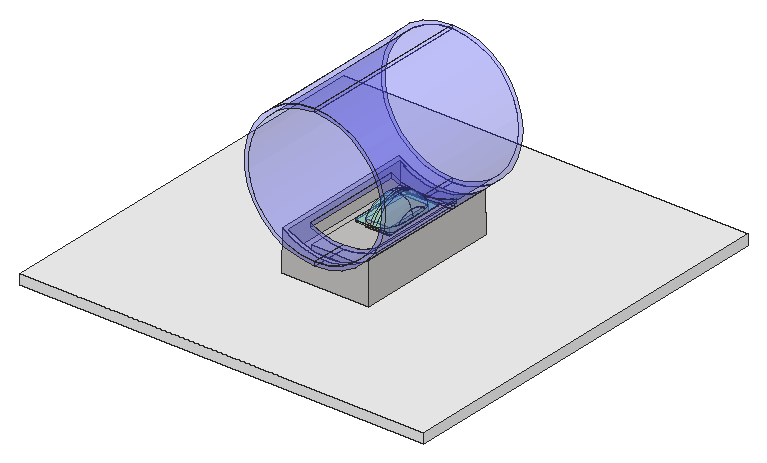
Revit family "BE_50066.2_de_DE", category Leuchten, Revit 2020
Family settings
  Basisbauteil = Fläche
  Bemaßung runder Anschluss = Durchmesser verwenden
  Teiletyp = Normal
  Beim Laden mit Abzugskörper schneiden = Ja
  Lichtquelle = Ja
  Gemeinsam genutzt = Nein
  Raumberechnungspunkt = Ja
Parameters (values of type "BEGA_50066.2_K3")
  built-in parameter 1150104 = 8.3613 (stored number, unit not read)
  Wattage = 12 W
  Default Elevation = 0 mm
  built-in parameter 1150113 = 1 (stored number, unit not read)
  built-in parameter 1114218 = 1 (stored number, unit not read)
  Umgebungstemperatur = "25 °C"
  URL = "https://www.bega.com/de/produkt/50066.2"
  Typenkommentare = "© 2022 BEGA. Wir behalten uns das Recht vor, technische Änderungen ohne vorherige Ankündigung vorzunehmen."  # constant formula
  built-in parameter 1150134 = (empty or 0)
  built-in parameter 1150109 = 1 (stored number, unit not read)
  Strom = ""
  built-in parameter 1150110 = 1 (stored number, unit not read)
  Spannung = 230 V
  Sonderanfertigung = no
  Seriennummer [instance] = "Hier können Sie die eindeutige Seriennummer für das Facility Management eintragen."
  Schutzklasse = "I"
  Schutzart = "IP 20"
  Scheinlast = 0 VA
  Produktdatenblatt = "https://cdn.bega.com/bega/products/50066.2K3/current/documents/data-sheets/de"
  Oberflächentemperatur = ""
  Neigungswinkel = 0.00°
  Modell = "50066.2K3"
  Material_17 = BEGA_Reflektor
  Material_15 = BEGA_Leuchtmedium_matt
  Material_11 = BEGA_Glas_opal
  Material_09 = BEGA_Glas_klar
  Material_06 = BEGA_Oberfläche_Edelstahl_gebürstet
  Material_05 = BEGA_Oberfläche_Aluminium Guss
  Material_03 = BEGA_Oberfläche_Weiss_matt
  Material_02 = BEGA_Oberfläche_Silber_matt
  Material_01 [instance] = BEGA_Oberfläche_Grafit_matt
  M_W = no
  M_G = no
  M_A = no
  Logo = 0
  built-in parameter 1114217 = 1 (stored number, unit not read)
  built-in parameter 1150139 = (empty or 0)
  built-in parameter 1150105 = 85.944 (stored number, unit not read)
  built-in parameter 1150114 = 1 (stored number, unit not read)
  Lumens = 1080 lm
  built-in parameter 1150115 = 1 (stored number, unit not read)
  Leuchtenlichtstrom = "860 lm"
  Leuchtenanzahl = ""
  Lebensdauerkriterien = "L70B50 @ 25 °C = 81000 h"
  Lastklassifizierung = Beleuchtung
  built-in parameter 1150112 = 1 (stored number, unit not read)
  Lampenlichtstrom = "940 lm"
  Lampe = "LED 10 W"
  LED_Modulbezeichnung = "LED-0607/930"
  Hersteller = "BEGA"  # constant formula
  Halbstreuwinkel = ""
  Gewicht = "1.0 kg"
  Gebrauchslageneinschränkung [instance] = ""
  Frequenz = "50/60 Hz"
  Farbwiedergabeindex = "CRI > 90"
  Farbtemperaturverschiebung bei Dämpfen der Lampe = <Keine Auswahl>
  Farbtemperatur = "3000 K"
  Color Filter = 16777215
  built-in parameter 1150133 = 10 (stored number, unit not read)
  Energieeffizienzklasse = "LED A++ - A"
  built-in parameter 1150137 = (empty or 0)
  built-in parameter 1150132 = (empty or 0)
  ENEC = "ja"
  Dimmbar [instance] = "on/off"
  Datei für fotometrisches Netz = "BE_50066.2K3.IES"
  CE_Konformität = "ja"
  Bestellnummer = "50066.2K3"
  Beschreibung_Sonderanfertigung = "Hier können Sie Informationen zur Sonderanfertigung eintragen."
  Beschreibung = "Wandleuchte"
  built-in parameter 1150106 = 0.85944 (stored number, unit not read)
  Befestigungsbohrung = "Ø 5 mm"
  Befestigungsabstand = "115 x 55 mm"
  Ballwurfsicher = ""
  BEGA_Intern_aus = yes
  BEGA_Intern_an = yes
  BEGA_Intern_Konstruktion = yes
  BEGA_Intern = yes
  BEGA_IES = yes
  BEGA_Dummy = no
  Anschlussleitung = ""
  Anschlussleistung [instance] = "10 W"
  Anschlusskasten = ""
  built-in parameter 1150107 = 3000 (stored number, unit not read)
  built-in parameter 1150102 = (empty or 0)
  built-in parameter 1150138 = (empty or 0)
  Aktualisierung = "2022-05-18T04:00:07"
  Abstand_zur_angestrahlten_Fläche [instance] = ""
  AC/DC = "AC"
Reference planes
  plane 1 "Mitte (Vorne/Hinten)": y = 0
  plane 2: z = 0
  plane 3 "Mitte (Links/Rechts)": x = 0
  plane 4 "Links": x = -70
  plane 5 "Rechts": x = 70
  plane 6 "Unten": y = -85
  plane 7 "Oben": y = 85
  plane 8 "Vorne": z = 166
  plane 9 "Hinten": z = 0
Forms (mm)
  Extrusion 1, solid, material "BEGA_Platte_Weiss"
    sketch origin (0, -1119.2, 0) x (1, 0, 0) y (0, 1, 0)
      loop
        line (-200, 1319.2) -> (-200, 919.2) -> (200, 919.2) -> (200, 1319.2) -> (-200, 1319.2)
    from 0 to -10
  Extrusion 2, solid, material "BEGA_Dummy_matt", visible <- "BEGA_Dummy"
    sketch origin (80.095, -76.023, 0) x (1, 0, 0) y (0, 1, 0)
      loop
        line (-150.095, 161.023) -> (-150.095, -8.977) -> (-10.095, -8.977) -> (-10.095, 161.023) -> (-150.095, 161.023)
    from 0 to 166
Dimensions and locks
  plane 1 "Mitte (Vorne/Hinten)" to Extrusion 1 = 200 mm
  aligned and locked: plane 2 to Extrusion 1
  aligned and locked: level to Extrusion 1
Nested families
  nested 1: "BE_50066.2" at (0, 0, 0), type "BE_50066.2"
Connectors
  electrical at (0, 0, 0), driven by "Lastklassifizierung", driven by "Spannung", driven by "Scheinlast"
    settings: index 1, voltage 230 V, apparent load 0 VA, apparent load phase1 0 VA, apparent load phase2 0 VA, apparent load phase3 0 VA, power factor 1, load classification "Beleuchtung", number of poles 1, system type 31, power factor state 1, is connector primary yes, connector utility no, sub classification motor no, connector description ""
Definition of nested family "BE_50066.2"
  Parameters (values of type "BE_50066.2")
    Default Elevation = 1 mm
    URL = "http://www.bega.de/de/produkt"
    Type Comments = "© 2015 BEGA. Wir behalten uns das Recht vor, technische Änderungen ohne vorherige Ankündigung vorzunehmen. "  # constant formula
    Type Image = (empty or 0)
    Neigungswinkel_um_Z2 = 0.00°
    Neigungswinkel_um_Z1 = 0.00°
    Neigungswinkel_um_Y2 = 0.00°
    Neigungswinkel_um_Y1 = 0.00°
    Neigungswinkel_um_X2 = 0.00°
    Neigungswinkel_um_X1 = 0.00°
    Material_17 = none
    Material_15 = none
    Material_12 = none
    Material_11 = none
    Material_09 = none
    Material_06 = none
    Material_05 = none
    Material_03 = none
    Material_02 = none
    Material_01 = none
    M_W = yes
    M_G = yes
    M_A = yes
    Länge_Platte = 200 mm  # constant formula
    Höhe_Platte = -10 mm  # constant formula
    Manufacturer = "BEGA"  # constant formula
    Drehwinkel_um_Z2 = 0.00°
    Drehwinkel_um_Z1 = 0.00°
    Breite_Platte = 300 mm  # constant formula
  Reference planes
    plane 1 "Mitte (Oben/Unten)": y = 0
    plane 2: z = 0
    plane 3 "Mitte (Links/Rechts)": x = 0
    plane 4: z = 166
    plane 5: x = -70
    plane 6: x = 70
    plane 7: y = 85
    plane 8: y = -85
  Forms (mm)
    Extrusion 1, solid, detail levels medium
      sketch origin (0, 0, 0) x (1, 0, 0) y (0, 1, 0)
        loop
          line (-100, 150) -> (-100, -150) -> (100, -150) -> (100, 150) -> (-100, 150)
      from 0 to -10 <- "Höhe_Platte"
    Sweep 2, solid, material <- "Material_06", detail levels medium+fine
      path origin (0, 0, 0) x (1, 0, 0) y (0, 1, 0)
        loop
          line (-43, 72.5) -> (-43, -72.5) -> (43, -72.5) -> (43, 72.5) -> (-43, 72.5)
      profile origin (-43, 0, 0) x (1, 0, 0) y (0, 0, 1)
        loop
          line (0, 0) -> (3, 0) -> (3.524, 15) -> (40.386, 15) -> (40.386, 23) -> (16.348, 23) -> (16.348, 18) -> (4.24, 18) -> (3.464, 40.225) -> (0.702, 40.225) -> (0, 0)
    Revolve 3, solid, material <- "Material_06", detail levels medium+fine
      sketch origin (27.5, 0, 0) x (0, 1, 0) y (0, 0, 1)
        loop
          line (55, 0.5) -> (55, 15) -> (48.028, 15)
          arc (48.028, 15) -> (48.723, 14.719) -> (49.027, 14.035) r 1
          line (49.027, 14.035) -> (49.433, 2.43)
          arc (49.433, 2.43) -> (50.042, 1.061) -> (51.431, 0.5) r 2
          line (51.431, 0.5) -> (55, 0.5)
        axis (57.5, 0.5) -> (57.5, 15)
      angle from 0 to 360
    Revolve 4, solid, material <- "Material_06", detail levels medium+fine
      sketch origin (-27.5, -115, 0) x (0, 1, 0) y (0, 0, 1)
        loop
          line (55, 0.5) -> (55, 15) -> (48.028, 15)
          arc (48.028, 15) -> (48.723, 14.719) -> (49.027, 14.035) r 1
          line (49.027, 14.035) -> (49.433, 2.43)
          arc (49.433, 2.43) -> (50.042, 1.061) -> (51.431, 0.5) r 2
          line (51.431, 0.5) -> (55, 0.5)
        axis (57.5, 0.5) -> (57.5, 15)
      angle from 0 to 360
    Extrusion 5, void
      sketch origin (0, 0, 0) x (1, 0, 0) y (0, 0, 1)
        loop
          arc (-59.501, 59.127) -> (0, 26) -> (59.501, 59.127) r 70
          line (59.501, 59.127) -> (-59.501, 59.127)
      from -75.251 to 75.01
    Extrusion 6, solid, material <- "Material_12", detail levels medium+fine
      sketch origin (0, 0, 0) x (1, 0, 0) y (0, 1, 0)
        loop
          arc (-15.265, 46.865) -> (-17.457, 45.957) -> (-18.365, 43.765) r 3.1
          line (-18.365, 43.765) -> (-18.365, -10.765)
          arc (-18.365, -10.765) -> (-17.457, -12.957) -> (-15.265, -13.865) r 3.1
          line (-15.265, -13.865) -> (15.265, -13.865)
          arc (15.265, -13.865) -> (17.457, -12.957) -> (18.365, -10.765) r 3.1
          line (18.365, -10.765) -> (18.365, 43.765)
          arc (18.365, 43.765) -> (17.457, 45.957) -> (15.265, 46.865) r 3.1
          line (15.265, 46.865) -> (-15.265, 46.865)
      from 28.593 to 30.2
    Revolve 7, solid, material <- "Material_12", detail levels medium+fine
      sketch origin (0, 16.5, 0) x (1, 0, 0) y (0, 0, 1)
        loop
          arc (-2.792, 47.361) -> (-10.159, 43.926) -> (-14.774, 37.236) r 15.5
          arc (-14.774, 37.236) -> (-15.878, 32.977) -> (-16.25, 28.593) r 26.067
          line (-16.25, 28.593) -> (16.25, 28.593)
          arc (16.25, 28.593) -> (15.878, 32.977) -> (14.774, 37.236) r 26.067
          arc (14.774, 37.236) -> (10.159, 43.926) -> (2.792, 47.361) r 15.5
          arc (2.792, 47.361) -> (1.401, 47.54) -> (0, 47.6) r 16.458
          arc (0, 47.6) -> (-1.401, 47.54) -> (-2.792, 47.361) r 16.458
        axis (-16.25, 13.128) -> (16.25, 13.128)
      angle from 0 to 360
    Extrusion 8, void
      sketch origin (0, 0, 0) x (0, 1, 0) y (0, 0, 1)
        loop
          line (64.416, 30.003) -> (-33.169, 30.003) -> (-33.169, -25.925) -> (64.416, -25.925) -> (64.416, 30.003)
      from -24.064 to 25.084
    Extrusion 9, solid, material <- "Material_06", detail levels medium+fine
      sketch origin (0, 0, 0) x (1, 0, 0) y (0, 0, 1)
        loop
          line (-2.614, 23) -> (-2.614, 15) -> (2.614, 15) -> (2.614, 23) -> (-2.614, 23)
      from -32.24 to 32.534
    Extrusion 10, solid, material <- "Material_15", detail levels medium+fine
      sketch origin (0, 0, 0) x (1, 0, 0) y (0, 1, 0)
        loop
          line (-11.5, 40.3) -> (-11.5, -7.3) -> (11.5, -7.3) -> (11.5, 40.3) -> (-11.5, 40.3)
      from 23.3 to 30.2
    Revolve 11, solid, material <- "Material_11", detail levels medium+fine
      sketch origin (0, 0, 0) x (0, 1, 0) y (0, 0, 1)
        loop
          line (85, 162) -> (85, 166) -> (-85, 166) -> (-85, 162) -> (85, 162)
        axis (-85, 96) -> (85, 96)
      angle from 0 to 360
    Extrusion 12, void
      sketch origin (0, 0, 0) x (0, 1, 0) y (0, 0, 1)
        loop
          line (49.985, 23.3) -> (49.985, 39.521) -> (-50.015, 39.521) -> (-50.015, 23.3) -> (49.985, 23.3)
      from -31.985 to 31.985
  Cuts and joins
    Extrusion 5, Extrusion 12 cuts Sweep 2
    Extrusion 5, Extrusion 12 cuts Revolve 3
    Extrusion 5, Extrusion 8, Extrusion 12 cuts Revolve 4
    Extrusion 12 cuts Extrusion 9
    joined: Sweep 2, Revolve 3, Revolve 4, Extrusion 9
    Extrusion 8 cuts Revolve 7
    joined: Extrusion 6, Revolve 7
    Extrusion 12 cuts Revolve 11
  Dimensions and locks
    equal spacing: Extrusion 1 sketch curve, plane 3 "Mitte (Links/Rechts)", Extrusion 1 sketch curve
    equal spacing: Extrusion 1 sketch curve, plane 1 "Mitte (Oben/Unten)", Extrusion 1 sketch curve
    "Länge_Platte": Extrusion 1 sketch curve to Extrusion 1 sketch curve
    "Breite_Platte": Extrusion 1 sketch curve to Extrusion 1 sketch curve
    aligned and locked: Extrusion 1 to plane 2
    aligned and locked: level to Extrusion 1
  Automatic sketch dimensions
    Sweep 2 sketch curve to plane 3 "Mitte (Links/Rechts)" = 43 mm
    plane 3 "Mitte (Links/Rechts)" to Sweep 2 sketch curve = 43 mm
    plane 1 "Mitte (Oben/Unten)" to Sweep 2 sketch curve = 72.5 mm
    Sweep 2 sketch curve to plane 1 "Mitte (Oben/Unten)" = 72.5 mm
    Revolve 3 sketch curve to level = 0 mm
    level to Revolve 3 sketch curve = 14 mm
    Revolve 3 sketch curve to plane 1 "Mitte (Oben/Unten)" = 48.028 mm
    level to Revolve 3 sketch curve = 14.035 mm
    Revolve 3 sketch curve to Revolve 3 sketch curve = 0.999 mm
    level to Revolve 3 sketch curve = 2.5 mm
    Revolve 3 sketch curve to Revolve 3 sketch curve = 2.404 mm
    Revolve 3 sketch curve to Revolve 3 sketch curve = 5.973 mm
    level to Revolve 3 sketch curve = 0.5 mm
    level to Revolve 3 sketch curve = 2.43 mm
    Revolve 3 sketch curve to Revolve 3 sketch curve = 1.999 mm
    Revolve 3 sketch curve to Revolve 3 sketch curve = 0 mm
    Revolve 3 sketch curve to Revolve 3 sketch curve = 2.5 mm
    Revolve 3 sketch curve to Revolve 3 sketch curve = 0.605 mm
    Revolve 4 sketch curve to level = 0 mm
    level to Revolve 4 sketch curve = 14 mm
    plane 1 "Mitte (Oben/Unten)" to Revolve 4 sketch curve = 66.972 mm
    level to Revolve 4 sketch curve = 14.035 mm
    Revolve 4 sketch curve to Revolve 4 sketch curve = 0.999 mm
    level to Revolve 4 sketch curve = 2.5 mm
    Revolve 4 sketch curve to Revolve 4 sketch curve = 2.404 mm
    Revolve 4 sketch curve to Revolve 4 sketch curve = 5.973 mm
    level to Revolve 4 sketch curve = 0.5 mm
    level to Revolve 4 sketch curve = 2.43 mm
    Revolve 4 sketch curve to Revolve 4 sketch curve = 1.999 mm
    Revolve 4 sketch curve to Revolve 4 sketch curve = 0 mm
    Revolve 4 sketch curve to Revolve 4 sketch curve = 2.5 mm
    Revolve 4 sketch curve to Revolve 4 sketch curve = 0.605 mm
    Extrusion 5 sketch curve to plane 3 "Mitte (Links/Rechts)" = 0 mm
    Extrusion 5 sketch curve to plane 3 "Mitte (Links/Rechts)" = 59.501 mm
    level to Extrusion 5 sketch curve = 59.127 mm
    Extrusion 5 sketch curve to Extrusion 5 sketch curve = 36.873 mm
    plane 1 "Mitte (Oben/Unten)" to Extrusion 8 sketch curve = 33.169 mm
    Extrusion 8 sketch curve to plane 1 "Mitte (Oben/Unten)" = 64.416 mm
    Extrusion 8 sketch curve to level = 25.925 mm
    level to Extrusion 8 sketch curve = 30.003 mm
    Revolve 7 sketch curve to plane 3 "Mitte (Links/Rechts)" = 0 mm
    Revolve 7 sketch curve to plane 3 "Mitte (Links/Rechts)" = 0.001 mm
    Revolve 7 sketch curve to plane 3 "Mitte (Links/Rechts)" = 0.154 mm
    Revolve 7 sketch curve to plane 3 "Mitte (Links/Rechts)" = 9.816 mm
    Revolve 7 sketch curve to Revolve 7 sketch curve = 6.434 mm  (x2)
    plane 3 "Mitte (Links/Rechts)" to Revolve 7 sketch curve = 0.001 mm
    plane 3 "Mitte (Links/Rechts)" to Revolve 7 sketch curve = 0.154 mm
    plane 3 "Mitte (Links/Rechts)" to Revolve 7 sketch curve = 9.816 mm
    level to Revolve 7 sketch curve = 28.588 mm
    Revolve 7 sketch curve to Revolve 7 sketch curve = 0 mm  (x6)
    Revolve 7 sketch curve to Revolve 7 sketch curve = 0.004 mm
    Revolve 7 sketch curve to Revolve 7 sketch curve = 2.554 mm
    Revolve 7 sketch curve to Revolve 7 sketch curve = 0.945 mm
    Revolve 7 sketch curve to plane 3 "Mitte (Links/Rechts)" = 2.792 mm
    Revolve 7 sketch curve to Revolve 7 sketch curve = 1.476 mm  (x2)
    Revolve 7 sketch curve to plane 3 "Mitte (Links/Rechts)" = 15 mm
    plane 3 "Mitte (Links/Rechts)" to Revolve 7 sketch curve = 2.792 mm
    plane 3 "Mitte (Links/Rechts)" to Revolve 7 sketch curve = 5 mm
    level to Revolve 7 sketch curve = 13.128 mm
    Extrusion 9 sketch curve to plane 3 "Mitte (Links/Rechts)" = 2.614 mm
    plane 3 "Mitte (Links/Rechts)" to Extrusion 9 sketch curve = 2.614 mm
    level to Extrusion 9 sketch curve = 15 mm
    Extrusion 9 sketch curve to Extrusion 9 sketch curve = 8 mm
    Extrusion 10 sketch curve to plane 3 "Mitte (Links/Rechts)" = 11.5 mm
    plane 3 "Mitte (Links/Rechts)" to Extrusion 10 sketch curve = 11.5 mm
    plane 1 "Mitte (Oben/Unten)" to Extrusion 10 sketch curve = 7.3 mm
    Extrusion 10 sketch curve to plane 1 "Mitte (Oben/Unten)" = 40.3 mm
    Extrusion 6 sketch curve to Extrusion 6 sketch curve = 0 mm  (x23)
    Extrusion 6 sketch curve to Extrusion 6 sketch curve = 3.1 mm  (x5)
    Extrusion 6 sketch curve to plane 1 "Mitte (Oben/Unten)" = 43.765 mm
    Extrusion 6 sketch curve to plane 3 "Mitte (Links/Rechts)" = 15.265 mm
    plane 1 "Mitte (Oben/Unten)" to Extrusion 6 sketch curve = 10.765 mm
    plane 3 "Mitte (Links/Rechts)" to Extrusion 6 sketch curve = 15.265 mm
    plane 1 "Mitte (Oben/Unten)" to Revolve 11 sketch curve = 85 mm
    Revolve 11 sketch curve to plane 1 "Mitte (Oben/Unten)" = 85 mm
    plane 4 to Revolve 11 sketch curve = 0 mm
    plane 4 to Revolve 11 sketch curve = 4 mm
    Revolve 11 sketch curve to Revolve 11 sketch curve = 2 mm  (x2)
    Revolve 11 sketch curve to Revolve 11 sketch curve = 66 mm
    Sweep 2 sketch curve to level = 0 mm
    profile plane to Sweep 2 sketch curve = 0 mm
    Sweep 2 sketch curve to profile plane = 0.702 mm
    Sweep 2 sketch curve to Sweep 2 sketch curve = 3 mm  (x2)
    Sweep 2 sketch curve to Sweep 2 sketch curve = 2.762 mm
    Sweep 2 sketch curve to profile plane = 3.524 mm
    Sweep 2 sketch curve to Sweep 2 sketch curve = 0.716 mm
    Sweep 2 sketch curve to Sweep 2 sketch curve = 12.108 mm
    Sweep 2 sketch curve to Sweep 2 sketch curve = 24.038 mm
    level to Sweep 2 sketch curve = 15 mm
    Sweep 2 sketch curve to Sweep 2 sketch curve = 8 mm
    Sweep 2 sketch curve to Sweep 2 sketch curve = 22.225 mm
    plane 8 to Extrusion 12 sketch curve = 34.985 mm
    plane 7 to Extrusion 12 sketch curve = 35.015 mm
    level to Extrusion 12 sketch curve = 23.3 mm
    Extrusion 12 sketch curve to Extrusion 12 sketch curve = 16.221 mm
